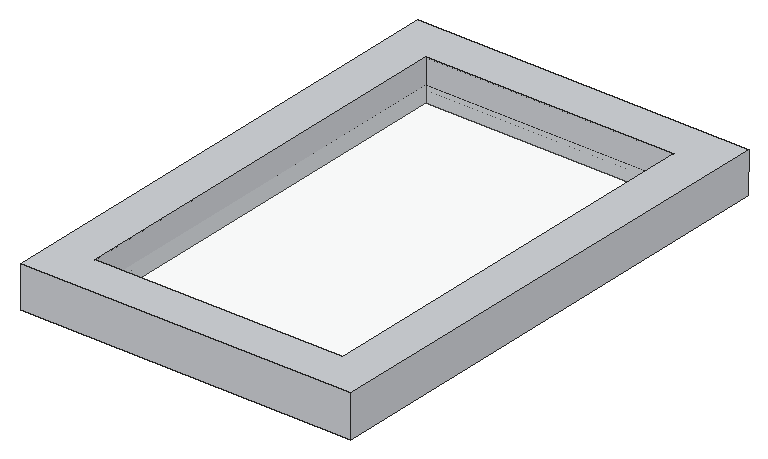
Revit family "PHLS Skylight", category Windows, host Roof, Revit 2018
Family settings
  Host = Roof
  OmniClass Number = 23.30.30.00
  OmniClass Title = Skylights
  Always vertical = No
  Cut with Voids When Loaded = Yes
  Shared = No
  Room Calculation Point = No
Parameters
  Width [instance] = 1000 mm
  Transom t2 Width [instance] = 0 mm
  Transom t1 Width [instance] = 0 mm
  Transom t Width [instance] = 0 mm
  Top Sash Width Constraint [instance] = if(Top Frame Width Sash < 5 mm, 5 mm, if(or(Top Frame Width Sash > Top Frame Width, Top Frame Width Sash = Top Frame Width), 5 mm, Top Frame Width Sash))  # 60 mm
  Top Frame Width Sash [instance] = 60 mm
  Top Frame Width Operable [instance] = 200 mm
  Top Frame Width Constraint [instance] = if(No Sash Option, if(Top Frame Width < 10 mm, 10 mm, Top Frame Width), if(Top Frame Width Operable < 10 mm, if(Top Frame Width < 10 mm, 10 mm, Top Frame Width), Top Frame Width Operable))  # 125 mm
  Top Frame Width [instance] = 125 mm
  Threshold Width [instance] = 0 mm
  Shading Guides and Labels Visible [instance] = yes
  Sash Setback [instance] = 100 mm
  Sash Option [instance] = no
  Sash Opening Symbol - Top Slide [instance] = no
  Sash Opening Symbol - Top Hung [instance] = no
  Sash Opening Symbol - Right Slide [instance] = no
  Sash Opening Symbol - Right Hung [instance] = no
  Sash Opening Symbol - Left Slide [instance] = no
  Sash Opening Symbol - Left Hung [instance] = no
  Sash Opening Symbol - Bottom Slide [instance] = no
  Sash Opening Symbol - Bottom Hung [instance] = no
  Sash Depth [instance] = 100 mm
  Roof Pitch [instance] = 30.00°
  Right Sash Width Constraint [instance] = if(Right Frame Width Sash < 5 mm, 5 mm, if(or(Right Frame Width Sash > Right Frame Width, Right Frame Width Sash = Right Frame Width), 5 mm, Right Frame Width Sash))  # 60 mm
  Right Frame Width Sash [instance] = 60 mm
  Right Frame Width Operable [instance] = 200 mm
  Right Frame Width Constraint [instance] = if(No Sash Option, if(Right Frame Width < 10 mm, 10 mm, Right Frame Width), if(Right Frame Width Operable < 10 mm, if(Right Frame Width < 10 mm, 10 mm, Right Frame Width), Right Frame Width Operable))  # 125 mm
  Right Frame Width [instance] = 125 mm
  PHPP oReveal Right Side [instance] = 250 mm
  PHPP oReveal Left Side [instance] = 500 mm
  PHPP dReveal Right Side [instance] = 250 mm
  PHPP dReveal Left Side [instance] = 500 mm
  PHPP Window reveal depth [instance] = ((PHPP oReveal Left Side) + (PHPP oReveal Right Side)) / 2  # 375 mm
  PHPP Regulated / transparent [instance] = no
  PHPP Reduction factor z for temporary sun protection [instance] = ""
  PHPP Overhang depth [instance] = 1000 mm
  PHPP Installation situation top [instance] = "1"
  PHPP Installation situation right [instance] = "1"
  PHPP Installation situation left [instance] = "1"
  PHPP Installation situation bottom [instance] = "1"
  PHPP Horizontal distance [instance] = 2000 mm
  PHPP Height of shading object [instance] = 2000 mm
  PHPP Glazing [instance] = ""
  PHPP Frame [instance] = ""
  PHPP Fixed glazing length of outer frame Top [instance] = if(No Sash Option, Width, 0 mm)  # 1000 mm
  PHPP Fixed glazing length of outer frame Right [instance] = if(No Sash Option, Height, 0 mm)  # 1500 mm
  PHPP Fixed glazing length of outer frame Left [instance] = if(No Sash Option, Height, 0 mm)  # 1500 mm
  PHPP Fixed glazing length of outer frame Bottom [instance] = if(No Sash Option, Width, 0 mm)  # 1000 mm
  PHPP Distance glazing to reveal [instance] = ((PHPP dReveal Left Side) + (PHPP dReveal Right Side)) / 2  # 375 mm
  PHPP Distance glazing to overhang [instance] = 1000 mm
  PHPP Description [instance] = ""
  PHPP Comfort exemption [instance] = no
  PHPP Additional reduction factor winter shading [instance] = ""
  PHPP Additional reduction factor summer shading [instance] = ""
  PHLS Familiy Object Version = "4.0 - December 2023"
  No Sash Option [instance] = not(Sash Option)  # yes
  Mullion m2 Width [instance] = 0 mm
  Mullion m1 Width [instance] = 0 mm
  Mullion m Width [instance] = 0 mm
  Mullion fm Width [instance] = 0 mm
  Left Sash Width Constraint [instance] = if(Left Frame Width Sash < 5 mm, 5 mm, if(or(Left Frame Width Sash > Left Frame Width, Left Frame Width Sash = Left Frame Width), 5 mm, Left Frame Width Sash))  # 60 mm
  Left Frame Width Sash [instance] = 60 mm
  Left Frame Width Operable [instance] = 200 mm
  Left Frame Width Constraint [instance] = if(No Sash Option, if(Left Frame Width < 10 mm, 10 mm, Left Frame Width), if(Left Frame Width Operable < 10 mm, if(Left Frame Width < 10 mm, 10 mm, Left Frame Width), Left Frame Width Operable))  # 125 mm
  Left Frame Width [instance] = 125 mm
  Height [instance] = 1500 mm
  Glass Thickness [instance] = 15 mm
  Glass Setback Constraint [instance] = if(No Sash Option, Glass Setback Case No Sash Option, Glass Setback Case Sash Option)  # 125 mm
  Glass Setback Case Sash Option [instance] = if(and(No Sash Option, Glass Setback < Frame Setback), Frame Setback, if(and(No Sash Option, Glass Setback > Frame Setback + Frame Depth), Frame Setback + Frame Depth - Glass Thickness, Glass Setback))  # 125 mm
  Glass Setback Case No Sash Option [instance] = if(and(Sash Option, Glass Setback < Sash Setback), Sash Setback, if(and(Sash Option, Glass Setback > Sash Setback + Sash Depth), Sash Setback + Sash Depth - Glass Thickness, Glass Setback))  # 125 mm
  Glass Setback [instance] = 125 mm
  Glass Material [instance] = Glass
  Frame Setback [instance] = 50 mm
  Frame Material [instance] = none
  Frame Depth [instance] = 125 mm
  Bottom Sash Width Constraint [instance] = if(Bottom Frame Width Sash < 5 mm, 5 mm, if(or(Bottom Frame Width Sash > Bottom Frame Width, Bottom Frame Width Sash = Bottom Frame Width), 5 mm, Bottom Frame Width Sash))  # 60 mm
  Bottom Frame Width Sash [instance] = 60 mm
  Bottom Frame Width Operable [instance] = 200 mm
  Bottom Frame Width Constraint [instance] = if(No Sash Option, if(Bottom Frame Width < 10 mm, 10 mm, Bottom Frame Width), if(Bottom Frame Width Operable < 10 mm, if(Bottom Frame Width < 10 mm, 10 mm, Bottom Frame Width), Bottom Frame Width Operable))  # 125 mm
  Bottom Frame Width [instance] = 125 mm
  Analytic Construction = "<None>"
Reference planes
  plane 1 "Center (Front/Back)": y = 0
  plane 2 "Roof": z = 4000
  plane 3 "Center (Left/Right)": x = 0
  plane 4 "Left": x = -500
  plane 5 "Right": x = 500
  plane 6 "Head": y = 750
  plane 7 "Sill": y = -750
  plane 8 "Roof Outside Surface": z = 4152.4
  plane 9 "Left Frame Overall": x = -375
  plane 10 "Right Frame Width": x = 375
  plane 11 "dReveal Left": x = -875
  plane 12 "dReveal Right": x = 625
  plane 13 "Frame Setback": z = 4102.4
  plane 14 "Sash Setback": z = 4052.4
  plane 15 "Sash Depth": z = 3952.4
  plane 16 "Glass Setback": z = 4027.4
  plane 17 "Glass Thickness": z = 4012.4
  plane 18 "Left Sash": x = -435
  plane 19 "Right Sash": x = 435
  plane 20 "Frame Depth": z = 3977.4
  plane 21 "Top Frame Width": y = 625
  plane 22 "Top Sash": y = 685
  plane 23 "Bottom Frame Width": y = -625
  plane 24 "Bottom Sash": y = -685
  plane 25 "Height of Horizontal Shading": through (-1196.452, 474.128, 5702.219) normal (0, 0.5, 0.866)
  plane 26 "Height of Overhang": y = 1625
  plane 27 "Distance to Overhang": z = 5027.4
  plane 28 "Distance to Horizontal Shading": through (-1742.527, -3185.34, 3592.761) normal (0, -0.866, 0.5)
  plane 29 "oReveal Left": z = 4527.4
  plane 30 "oReveal Right": z = 4277.4
  plane 31 "Glass Base for Horizontal Shading Distance": through (0, -563.376, 4134.136) normal (0, -0.866, 0.5)
  plane 32 "Glass Base for Horizontal Shading Height": through (0, -860.191, 4163.188) normal (0, 0.5, 0.866)
Forms (mm)
  Extrusion 1, void
    sketch origin (0, 0, 4000) x (1, 0, 0) y (0, 1, 0)
      loop
        line (-500, 750) -> (-500, -750) -> (500, -750) -> (500, 750) -> (-500, 750)
    from 0 to 152.4
  Extrusion 2, solid, material <- "Frame Material", visible <- "No Sash Option"
    sketch origin (0, 0, 0) x (1, 0, 0) y (0, 0, 1)
      loop
        line (-500, 4102.4) -> (-500, 3977.4) -> (-375, 3977.4) -> (-375, 4102.4) -> (-500, 4102.4)
    from -750 to 750
  Extrusion 3, solid, material <- "Frame Material", visible <- "No Sash Option"
    sketch origin (580, 0, 0) x (1, 0, 0) y (0, 0, 1)
      loop
        line (-205, 4102.4) -> (-205, 3977.4) -> (-80, 3977.4) -> (-80, 4102.4) -> (-205, 4102.4)
    from -750 to 750
  Extrusion 4, solid, material <- "Frame Material", visible <- "No Sash Option"
    sketch origin (0, 0, 0) x (0, 1, 0) y (0, 0, 1)
      loop
        line (750, 4102.4) -> (625, 4102.4) -> (625, 3977.4) -> (750, 3977.4) -> (750, 4102.4)
    from -500 to 500
  Extrusion 5, solid, material <- "Frame Material", visible <- "No Sash Option"
    sketch origin (0, -440, 0) x (0, 1, 0) y (0, 0, 1)
      loop
        line (-185, 4102.4) -> (-310, 4102.4) -> (-310, 3977.4) -> (-185, 3977.4) -> (-185, 4102.4)
    from -500 to 500
  Extrusion 6, solid, material <- "Frame Material", visible <- "Sash Option"
    sketch origin (240, 0, 0) x (1, 0, 0) y (0, 0, 1)
      loop
        line (-740, 4102.4) -> (-740, 3977.4) -> (-675, 3977.4) -> (-675, 4102.4) -> (-740, 4102.4)
    from -750 to 750
  Extrusion 7, solid, material <- "Frame Material", visible <- "Sash Option"
    sketch origin (620, 0, 0) x (1, 0, 0) y (0, 0, 1)
      loop
        line (-185, 4102.4) -> (-185, 3977.4) -> (-120, 3977.4) -> (-120, 4102.4) -> (-185, 4102.4)
    from -750 to 750
  Extrusion 8, solid, material <- "Frame Material", visible <- "Sash Option"
    sketch origin (0, -220, 0) x (0, 1, 0) y (0, 0, 1)
      loop
        line (-465, 4102.4) -> (-530, 4102.4) -> (-530, 3977.4) -> (-465, 3977.4) -> (-465, 4102.4)
    from -500 to 500
  Extrusion 9, solid, material <- "Frame Material", visible <- "Sash Option"
    sketch origin (0, 560, 0) x (0, 1, 0) y (0, 0, 1)
      loop
        line (190, 4102.4) -> (125, 4102.4) -> (125, 3977.4) -> (190, 3977.4) -> (190, 4102.4)
    from -500 to 500
  Extrusion 10, solid, material <- "Frame Material", visible <- "Sash Option"
    sketch origin (520, 0, 0) x (1, 0, 0) y (0, 0, 1)
      loop
        line (-955, 4052.4) -> (-955, 3952.4) -> (-895, 3952.4) -> (-895, 4052.4) -> (-955, 4052.4)
    from -685 to 685
  Extrusion 11, solid, material <- "Frame Material", visible <- "Sash Option"
    sketch origin (1060, 0, 0) x (1, 0, 0) y (0, 0, 1)
      loop
        line (-685, 4052.4) -> (-685, 3952.4) -> (-625, 3952.4) -> (-625, 4052.4) -> (-685, 4052.4)
    from -685 to 685
  Extrusion 12, solid, material <- "Frame Material", visible <- "Sash Option"
    sketch origin (0, 80, 0) x (0, 1, 0) y (0, 0, 1)
      loop
        line (-705, 4052.4) -> (-765, 4052.4) -> (-765, 3952.4) -> (-705, 3952.4) -> (-705, 4052.4)
    from -435 to 435
  Extrusion 13, solid, material <- "Frame Material", visible <- "Sash Option"
    sketch origin (0, 1020, 0) x (0, 1, 0) y (0, 0, 1)
      loop
        line (-335, 4052.4) -> (-395, 4052.4) -> (-395, 3952.4) -> (-335, 3952.4) -> (-335, 4052.4)
    from -435 to 435
  Extrusion 14, solid, material "Glass" <- "Glass Material"
    sketch origin (0, 0, 4000) x (1, 0, 0) y (0, 1, 0)
      loop
        line (-375, 625) -> (-375, -625) -> (375, -625) -> (375, 625) -> (-375, 625)
    from 12.4 to 27.4
Cuts and joins
  joined: Extrusion 10, Extrusion 11, Extrusion 12, Extrusion 13
  joined: Extrusion 2, Extrusion 3, Extrusion 4, Extrusion 5
  joined: Extrusion 6, Extrusion 7, Extrusion 8, Extrusion 9
Lines and regions (mm)
  symbolic lines, style "WindowsHiddenLines", visible <- "Sash Opening Symbol - Top Hung"
    curve 1: line (-375, 625, 4000) -> (0, -625, 4000)
    curve 2: line (0, -625, 4000) -> (375, 625, 4000)
  symbolic lines, style "WindowsHiddenLines", visible <- "Sash Opening Symbol - Bottom Hung"
    curve 3: line (-375, -625, 4000) -> (0, 625, 4000)
    curve 4: line (0, 625, 4000) -> (375, -625, 4000)
  symbolic lines, style "WindowsHiddenLines", visible <- "Sash Opening Symbol - Left Hung"
    curve 5: line (-375, 625, 4000) -> (375, 0, 4000)
    curve 6: line (375, 0, 4000) -> (-375, -625, 4000)
  symbolic lines, style "WindowsHiddenLines", visible <- "Sash Opening Symbol - Right Hung"
    curve 7: line (375, 625, 4000) -> (-375, 0, 4000)
    curve 8: line (-375, 0, 4000) -> (375, -625, 4000)
  symbolic lines, style "WindowsHiddenLines", visible <- "Shading Guides and Labels Visible"
    curve 9: line (625, -625, 4000) -> (625, 625, 4000)
    curve 10: line (-875, -625, 4000) -> (-875, 625, 4000)
    curve 11: line (-375, 1625, 4000) -> (375, 1625, 4000)
    curve 12: line (-375, 1375, 4000) -> (375, 1375, 4000)
  symbolic lines, style "WindowsHiddenLines"
    curve 13: line (0, 1625, 4027.4) -> (0, 1625, 5127.4)
    curve 14: line (0, 1525, 5027.4) -> (0, 2125, 5027.4)
    curve 15: line (0, -1607.051, 6326.438) -> (0, -1307.051, 6846.053)
    curve 16: line (0, -1790.064, 7009.451) -> (0, -1270.448, 6709.451)
    curve 17: line (-375, 0, 6027.4) -> (375, 0, 6027.4)
    curve 18: line (-375, 0, 5027.4) -> (375, 0, 5027.4)
    curve 19: line (-1375, 0, 4527.4) -> (-775, 0, 4527.4)
    curve 20: line (-875, 0, 4027.4) -> (-875, 0, 4627.4)
    curve 21: line (1125, 0, 4277.4) -> (525, 0, 4277.4)
    curve 22: line (625, 0, 4027.4) -> (625, 0, 4377.4)
    curve 23: line (0, -841.506, 4152.4) -> (0, -625, 4027.4)
    curve 24: line (0, -625, 4027.4) -> (0, -500, 4243.906)
Dimensions and locks
  equal spacing: host sketch curve, plane 3 "Center (Left/Right)", host sketch curve
  equal spacing: host sketch curve, plane 1 "Center (Front/Back)", host sketch curve
  equal spacing: plane 4 "Left", plane 3 "Center (Left/Right)", plane 5 "Right"
  equal spacing: plane 6 "Head", plane 1 "Center (Front/Back)", plane 7 "Sill"
  "Width": plane 4 "Left" to plane 5 "Right"
  "Height": plane 6 "Head" to plane 7 "Sill"
  "Left Frame Width Constraint": plane 4 "Left" to plane 9 "Left Frame Overall"
  "Right Frame Width Constraint": plane 10 "Right Frame Width" to plane 5 "Right"
  "Frame Setback": plane 8 "Roof Outside Surface" to plane 13 "Frame Setback"
  "Sash Setback": plane 8 "Roof Outside Surface" to plane 14 "Sash Setback"
  "Sash Depth": plane 14 "Sash Setback" to plane 15 "Sash Depth"
  "Glass Setback Constraint": plane 8 "Roof Outside Surface" to plane 16 "Glass Setback"
  "Glass Thickness": plane 16 "Glass Setback" to plane 17 "Glass Thickness"
  "Left Sash Width Constraint": plane 18 "Left Sash" to plane 9 "Left Frame Overall"
  "Right Sash Width Constraint": plane 10 "Right Frame Width" to plane 19 "Right Sash"
  "Frame Depth": plane 13 "Frame Setback" to plane 20 "Frame Depth"
  "Top Frame Width Constraint": plane 6 "Head" to plane 21 "Top Frame Width"
  "Top Sash Width Constraint": plane 22 "Top Sash" to plane 21 "Top Frame Width"
  "Bottom Frame Width Constraint": plane 23 "Bottom Frame Width" to plane 7 "Sill"
  "Bottom Sash Width Constraint": plane 23 "Bottom Frame Width" to plane 24 "Bottom Sash"
  locked: nested 5 to plane 12 "dReveal Right" at 50
  "PHPP Distance glazing to overhang": plane 26 "Height of Overhang" to plane 21 "Top Frame Width"
  "PHPP Overhang depth": plane 27 "Distance to Overhang" to plane 16 "Glass Setback"
  locked: curve 13 to plane 27 "Distance to Overhang" at 100
  locked: plane 27 "Distance to Overhang" to nested 9 at 150
  locked: plane 26 "Height of Overhang" to curve 14 at 500
  locked: plane 26 "Height of Overhang" to nested 10 at 150
  locked: curve 14 to plane 26 "Height of Overhang" at 100
  locked: plane 28 "Distance to Horizontal Shading" to curve 16 at 100
  locked: curve 16 to plane 28 "Distance to Horizontal Shading" at 500
  "PHPP oReveal Left Side": plane 29 "oReveal Left" to plane 16 "Glass Setback"
  "PHPP oReveal Right Side": plane 30 "oReveal Right" to plane 16 "Glass Setback"
  "PHPP dReveal Left Side": plane 9 "Left Frame Overall" to plane 11 "dReveal Left"
  locked: curve 19 to plane 11 "dReveal Left" at 100
  locked: plane 11 "dReveal Left" to curve 19 at 500
  locked: plane 11 "dReveal Left" to nested 15 at 250
  locked: curve 20 to plane 29 "oReveal Left" at 100
  locked: plane 29 "oReveal Left" to nested 16 at 250
  locked: plane 12 "dReveal Right" to nested 18 at 50
  locked: plane 30 "oReveal Right" to nested 18 at 250
  locked: curve 22 to plane 30 "oReveal Right" at 100
  locked: plane 12 "dReveal Right" to curve 21 at 100
  locked: curve 21 to plane 12 "dReveal Right" at 500
  locked: nested 17 to plane 12 "dReveal Right" at 250
  "PHPP dReveal Right Side": plane 12 "dReveal Right" to plane 10 "Right Frame Width"
  locked: curve 15 to plane 25 "Height of Horizontal Shading" at 500
  plane 25 "Height of Horizontal Shading" to curve 15 = 100 mm
  locked: curve 24 to curve 24 at 250
  locked: curve 23 to curve 23 at 250
  "PHPP Horizontal distance": plane 28 "Distance to Horizontal Shading" to plane 31 "Glass Base for Horizontal Shading Distance"
  "PHPP Height of shading object": plane 25 "Height of Horizontal Shading" to plane 32 "Glass Base for Horizontal Shading Height"
  locked: plane 25 "Height of Horizontal Shading" to nested 11 at 150
  locked: plane 28 "Distance to Horizontal Shading" to nested 11 at 0
  locked: plane 25 "Height of Horizontal Shading" to nested 12 at 0
  curve 15 to nested 12 = 150 mm
  locked: nested 12 to plane 28 "Distance to Horizontal Shading" at 150
  "Roof Pitch": angle plane 31 "Glass Base for Horizontal Shading Distance" to plane 23 "Bottom Frame Width"
  "Roof Pitch": angle plane 32 "Glass Base for Horizontal Shading Height" to plane 16 "Glass Setback"
  "Roof Pitch": angle nested 11 to plane 23 "Bottom Frame Width"
  "Roof Pitch": angle nested 12 to plane 23 "Bottom Frame Width"
  aligned and locked: level to plane 2 "Roof"
  aligned and locked: plane 8 "Roof Outside Surface" to host roof
  aligned and locked: Extrusion 1 sketch curve to plane 6 "Head"
  aligned and locked: plane 4 "Left" to Extrusion 1 sketch curve
  aligned and locked: Extrusion 1 sketch curve to plane 5 "Right"
  aligned and locked: plane 7 "Sill" to Extrusion 1 sketch curve
  aligned and locked: plane 8 "Roof Outside Surface" to Extrusion 1
  aligned and locked: Extrusion 1 to plane 2 "Roof"
  aligned and locked: Extrusion 2 sketch curve to plane 13 "Frame Setback"
  aligned and locked: plane 20 "Frame Depth" to Extrusion 2 sketch curve
  aligned and locked: plane 4 "Left" to Extrusion 2 sketch curve
  aligned and locked: Extrusion 2 sketch curve to plane 9 "Left Frame Overall"
  aligned and locked: plane 6 "Head" to Extrusion 2
  aligned and locked: Extrusion 2 to plane 7 "Sill"
  aligned and locked: plane 6 "Head" to Extrusion 3
  aligned and locked: Extrusion 3 to plane 7 "Sill"
  aligned and locked: Extrusion 3 sketch curve to plane 13 "Frame Setback"
  aligned and locked: plane 20 "Frame Depth" to Extrusion 3 sketch curve
  aligned and locked: Extrusion 3 sketch curve to plane 5 "Right"
  aligned and locked: plane 10 "Right Frame Width" to Extrusion 3 sketch curve
  aligned and locked: Extrusion 4 sketch curve to plane 6 "Head"
  aligned and locked: plane 21 "Top Frame Width" to Extrusion 4 sketch curve
  aligned and locked: Extrusion 4 sketch curve to plane 13 "Frame Setback"
  aligned and locked: plane 20 "Frame Depth" to Extrusion 4 sketch curve
  aligned and locked: Extrusion 5 sketch curve to plane 13 "Frame Setback"
  aligned and locked: plane 20 "Frame Depth" to Extrusion 5 sketch curve
  aligned and locked: plane 7 "Sill" to Extrusion 5 sketch curve
  aligned and locked: Extrusion 5 sketch curve to plane 23 "Bottom Frame Width"
  aligned and locked: plane 5 "Right" to Extrusion 4
  aligned and locked: plane 5 "Right" to Extrusion 5
  aligned and locked: Extrusion 4 to plane 4 "Left"
  aligned and locked: Extrusion 5 to plane 4 "Left"
  aligned and locked: plane 4 "Left" to Extrusion 6 sketch curve
  aligned and locked: Extrusion 6 sketch curve to plane 18 "Left Sash"
  aligned and locked: Extrusion 6 sketch curve to plane 13 "Frame Setback"
  aligned and locked: plane 20 "Frame Depth" to Extrusion 6 sketch curve
  aligned and locked: Extrusion 6 to plane 7 "Sill"
  aligned and locked: plane 6 "Head" to Extrusion 6
  aligned and locked: Extrusion 7 sketch curve to plane 5 "Right"
  aligned and locked: plane 19 "Right Sash" to Extrusion 7 sketch curve
  aligned and locked: Extrusion 7 sketch curve to plane 13 "Frame Setback"
  aligned and locked: plane 6 "Head" to Extrusion 7
  aligned and locked: Extrusion 7 to plane 7 "Sill"
  aligned and locked: Extrusion 8 to plane 4 "Left"
  aligned and locked: plane 5 "Right" to Extrusion 8
  aligned and locked: Extrusion 9 to plane 4 "Left"
  aligned and locked: plane 5 "Right" to Extrusion 9
  aligned and locked: plane 7 "Sill" to Extrusion 8 sketch curve
  aligned and locked: Extrusion 8 sketch curve to plane 24 "Bottom Sash"
  aligned and locked: plane 20 "Frame Depth" to Extrusion 8 sketch curve
  aligned and locked: Extrusion 8 sketch curve to plane 13 "Frame Setback"
  aligned and locked: Extrusion 9 sketch curve to plane 6 "Head"
  aligned and locked: plane 22 "Top Sash" to Extrusion 9 sketch curve
  aligned and locked: Extrusion 9 sketch curve to plane 13 "Frame Setback"
  aligned and locked: plane 20 "Frame Depth" to Extrusion 9 sketch curve
  aligned and locked: plane 18 "Left Sash" to Extrusion 10 sketch curve
  aligned and locked: Extrusion 10 sketch curve to plane 9 "Left Frame Overall"
  aligned and locked: Extrusion 10 sketch curve to plane 14 "Sash Setback"
  aligned and locked: plane 15 "Sash Depth" to Extrusion 10 sketch curve
  aligned and locked: plane 22 "Top Sash" to Extrusion 10
  aligned and locked: Extrusion 10 to plane 24 "Bottom Sash"
  aligned and locked: Extrusion 11 sketch curve to plane 19 "Right Sash"
  aligned and locked: plane 10 "Right Frame Width" to Extrusion 11 sketch curve
  aligned and locked: plane 15 "Sash Depth" to Extrusion 11 sketch curve
  aligned and locked: Extrusion 11 sketch curve to plane 14 "Sash Setback"
  aligned and locked: plane 22 "Top Sash" to Extrusion 11
  aligned and locked: Extrusion 11 to plane 24 "Bottom Sash"
  aligned and locked: plane 24 "Bottom Sash" to Extrusion 12 sketch curve
  aligned and locked: Extrusion 12 sketch curve to plane 23 "Bottom Frame Width"
  aligned and locked: Extrusion 12 sketch curve to plane 14 "Sash Setback"
  aligned and locked: plane 15 "Sash Depth" to Extrusion 12 sketch curve
  aligned and locked: Extrusion 13 sketch curve to plane 22 "Top Sash"
  aligned and locked: plane 21 "Top Frame Width" to Extrusion 13 sketch curve
  aligned and locked: Extrusion 13 sketch curve to plane 14 "Sash Setback"
  aligned and locked: plane 15 "Sash Depth" to Extrusion 13 sketch curve
  aligned and locked: Extrusion 13 to plane 18 "Left Sash"
  aligned and locked: plane 19 "Right Sash" to Extrusion 13
  aligned and locked: plane 19 "Right Sash" to Extrusion 12
  aligned and locked: Extrusion 12 to plane 18 "Left Sash"
  aligned and locked: plane 20 "Frame Depth" to Extrusion 7 sketch curve
  aligned and locked: Extrusion 14 sketch curve to plane 21 "Top Frame Width"
  aligned and locked: Extrusion 14 sketch curve to plane 10 "Right Frame Width"
  aligned and locked: plane 23 "Bottom Frame Width" to Extrusion 14 sketch curve
  aligned and locked: plane 9 "Left Frame Overall" to Extrusion 14 sketch curve
  aligned and locked: Extrusion 14 to plane 17 "Glass Thickness"
  aligned and locked: plane 16 "Glass Setback" to Extrusion 14
  aligned and locked: plane 21 "Top Frame Width" to curve 2
  aligned and locked: plane 10 "Right Frame Width" to curve 2
  aligned and locked: plane 3 "Center (Left/Right)" to curve 2
  aligned and locked: plane 23 "Bottom Frame Width" to curve 1
  aligned and locked: plane 9 "Left Frame Overall" to curve 1
  aligned and locked: plane 23 "Bottom Frame Width" to curve 4
  aligned and locked: plane 10 "Right Frame Width" to curve 4
  aligned and locked: plane 3 "Center (Left/Right)" to curve 4
  aligned and locked: plane 21 "Top Frame Width" to curve 4
  aligned and locked: plane 23 "Bottom Frame Width" to curve 6
  aligned and locked: plane 9 "Left Frame Overall" to curve 6
  aligned and locked: plane 21 "Top Frame Width" to curve 5
  aligned and locked: plane 1 "Center (Front/Back)" to curve 5
  aligned and locked: plane 10 "Right Frame Width" to curve 5
  aligned and locked: plane 1 "Center (Front/Back)" to curve 8
  aligned and locked: plane 9 "Left Frame Overall" to curve 7
  aligned and locked: nested 4 to plane 1 "Center (Front/Back)"
  aligned and locked: plane 1 "Center (Front/Back)" to nested 3
  aligned and locked: plane 3 "Center (Left/Right)" to nested 1
  aligned and locked: nested 2 to plane 3 "Center (Left/Right)"
  aligned and locked: nested 2 to plane 1 "Center (Front/Back)"
  aligned and locked: plane 1 "Center (Front/Back)" to nested 1
  aligned and locked: nested 4 to plane 3 "Center (Left/Right)"
  aligned and locked: plane 3 "Center (Left/Right)" to nested 3
  aligned and locked: nested 5 to plane 1 "Center (Front/Back)"
  aligned and locked: nested 6 to plane 1 "Center (Front/Back)"
  aligned and locked: plane 11 "dReveal Left" to nested 6
  aligned and locked: plane 21 "Top Frame Width" to curve 10
  aligned and locked: plane 23 "Bottom Frame Width" to curve 10
  aligned and locked: plane 11 "dReveal Left" to curve 10
  aligned and locked: plane 21 "Top Frame Width" to curve 9
  aligned and locked: plane 23 "Bottom Frame Width" to curve 9
  aligned and locked: plane 12 "dReveal Right" to curve 9
  aligned and locked: plane 3 "Center (Left/Right)" to nested 7
  aligned and locked: plane 3 "Center (Left/Right)" to nested 8
  aligned and locked: nested 8 to plane 26 "Height of Overhang"
  aligned and locked: plane 9 "Left Frame Overall" to curve 11
  aligned and locked: plane 10 "Right Frame Width" to curve 11
  aligned and locked: plane 9 "Left Frame Overall" to curve 12
  aligned and locked: plane 10 "Right Frame Width" to curve 12
  aligned and locked: plane 16 "Glass Setback" to curve 13
  aligned and locked: plane 26 "Height of Overhang" to curve 13
  aligned and locked: nested 9 to plane 26 "Height of Overhang"
  aligned and locked: curve 14 to plane 27 "Distance to Overhang"
  aligned and locked: nested 10 to plane 27 "Distance to Overhang"
  aligned and locked: curve 15 to plane 28 "Distance to Horizontal Shading"
  aligned and locked: curve 16 to plane 25 "Height of Horizontal Shading"
  aligned and locked: plane 3 "Center (Left/Right)" to nested 13
  aligned and locked: plane 9 "Left Frame Overall" to curve 17
  aligned and locked: plane 10 "Right Frame Width" to curve 17
  aligned and locked: plane 9 "Left Frame Overall" to curve 18
  aligned and locked: plane 10 "Right Frame Width" to curve 18
  aligned and locked: curve 18 to plane 27 "Distance to Overhang"
  aligned and locked: plane 3 "Center (Left/Right)" to nested 14
  aligned and locked: nested 14 to plane 27 "Distance to Overhang"
  aligned and locked: curve 19 to plane 29 "oReveal Left"
  aligned and locked: nested 15 to plane 29 "oReveal Left"
  aligned and locked: plane 16 "Glass Setback" to curve 20
  aligned and locked: plane 11 "dReveal Left" to curve 20
  aligned and locked: plane 11 "dReveal Left" to nested 16
  aligned and locked: plane 16 "Glass Setback" to curve 22
  aligned and locked: plane 12 "dReveal Right" to curve 22
  aligned and locked: curve 21 to plane 30 "oReveal Right"
  aligned and locked: plane 30 "oReveal Right" to nested 17
  aligned and locked: curve 23 to plane 32 "Glass Base for Horizontal Shading Height"
  aligned and locked: curve 24 to plane 31 "Glass Base for Horizontal Shading Distance"
  aligned and locked: plane 31 "Glass Base for Horizontal Shading Distance" to curve 23
  aligned and locked: plane 32 "Glass Base for Horizontal Shading Height" to curve 24
Automatic sketch dimensions
  curve 11 to plane 26 "Height of Overhang" = 0 mm
  curve 12 to plane 26 "Height of Overhang" = 250 mm
  curve 18 to curve 17 = 1000 mm
Nested families
  nested 1: "Arrow Symbol - Up Down" at (0, 0, 4000), visible <- "Sash Opening Symbol - Top Slide", type "Arrow Symbol - Up Down"
  nested 2: "Arrow Symbol - Up Down" at (0, 0, 4000) x (-1, 0, 0) z (0, 0, 1), visible <- "Sash Opening Symbol - Bottom Slide", type "Arrow Symbol - Up Down"
  nested 3: "Arrow Symbol - Left Right" at (0, 0, 4000), visible <- "Sash Opening Symbol - Right Slide", type "Arrow Symbol - Left Right"
  nested 4: "Arrow Symbol - Left Right" at (0, 0, 4000) x (-1, 0, 0) z (0, 0, 1), visible <- "Sash Opening Symbol - Left Slide", type "Arrow Symbol - Left Right"
  nested 5: "dReveal Right Side Text - Elevation" at (575, 0, 4000) x (0, 1, 0) z (0, 0, 1), type "dReveal Right Side Text - Elevation"
  nested 6: "dReveal Left Side Text - Elevation" at (-875, 0, 4000) x (0, 1, 0) z (0, 0, 1), type "dReveal Left Side Text - Elevation"
  nested 7: "hHori Text - Elevation" at (0, 1375, 4000), type "hHori Text - Elevation"
  nested 8: "dOver Text - Elevation" at (0, 1625, 4000), type "dOver Text - Elevation"
  nested 9: "dOver Text - Elevation" at (0, 1625, 4877.4) x (0, 0, -1) z (1, 0, 0), type "dOver Text - Elevation"
  nested 10: "oOver Text - Elevation" at (0, 1775, 5027.4) x (0, 1, 0) z (1, 0, 0), type "oOver Text - Elevation"
  nested 11: "dHori Text - Elevation" at (0, -1432.051, 6629.547) x (0, 0.5, 0.866) z (1, 0, 0), type "dHori Text - Elevation"
  nested 12: "hHori Text - Elevation" at (0, -1486.955, 6834.451) x (0, 0.866, -0.5) z (1, 0, 0), type "hHori Text - Elevation"
  nested 13: "dHori Text - Elevation" at (0, 0, 6077.4) x (1, 0, 0) z (0, -1, 0), type "dHori Text - Elevation"
  nested 14: "oOver Text - Elevation" at (0, 0, 5027.4) x (1, 0, 0) z (0, -1, 0), type "oOver Text - Elevation"
  nested 15: "oReveal Left Side Text - Elevation" at (-1125, 0, 4527.4) x (1, 0, 0) z (0, -1, 0), type "oReveal Left Side Text - Elevation"
  nested 16: "dReveal Left Side Text - Elevation" at (-875, 0, 4277.4) x (0, 0, 1) z (0, -1, 0), type "dReveal Left Side Text - Elevation"
  nested 17: "oReveal Right Side Text - Elevation" at (875, 0, 4277.4) x (1, 0, 0) z (0, -1, 0), type "oReveal Right Side Text - Elevation"
  nested 18: "dReveal Right Side Text - Elevation" at (575, 0, 4027.4) x (0, 0, 1) z (0, -1, 0), type "dReveal Right Side Text - Elevation"
Definition of nested family "Arrow Symbol - Up Down"
  Reference planes
    plane 1 "Center (Front/Back)": y = 0
    plane 2: z = 0
    plane 3 "Center (Left/Right)": x = 0
  Lines and regions (mm)
    detail lines, in view "Ref. Level"
      curve 1: line (0, 160, 0) -> (-56.569, 103.431, 0)
      curve 2: line (0, 160, 0) -> (56.569, 103.431, 0)
      curve 3: line (-56.569, 103.431, 0) -> (-24.069, 103.431, 0)
      curve 4: line (-24.069, 103.431, 0) -> (-24.069, -103.369, 0)
      curve 5: line (56.569, 103.431, 0) -> (24.069, 103.431, 0)
      curve 6: line (24.069, 103.431, 0) -> (24.069, -103.369, 0)
      curve 7: line (-24.069, -103.369, 0) -> (24.069, -103.369, 0)
Definition of nested family "Arrow Symbol - Left Right"
  Reference planes
    plane 1 "Center (Front/Back)": y = 0
    plane 2: z = 0
    plane 3 "Center (Left/Right)": x = 0
  Lines and regions (mm)
    detail lines, in view "Ref. Level"
      curve 1: line (160, 0, 0) -> (103.431, 56.569, 0)
      curve 2: line (160, 0, 0) -> (103.431, -56.569, 0)
      curve 3: line (103.431, 56.569, 0) -> (103.431, 24.069, 0)
      curve 4: line (103.431, 24.069, 0) -> (-103.369, 24.069, 0)
      curve 5: line (103.431, -56.569, 0) -> (103.431, -24.069, 0)
      curve 6: line (103.431, -24.069, 0) -> (-103.369, -24.069, 0)
      curve 7: line (-103.369, 24.069, 0) -> (-103.369, -24.069, 0)
Definition of nested family "dReveal Right Side Text - Elevation"
  Reference planes
    plane 1 "Center (Front/Back)": y = 0
    plane 2: z = 0
    plane 3 "Center (Left/Right)": x = 0
  Lines and regions (mm)
    Filled region 1, type "Solid Fill - Blue", in view "Ref. Level"
      outline origin (-11.25, 0, 0) x (1, 0, 0) y (0, 1, 0)
        loop
          line (-188.472, -33.793) -> (-185.05, -33.793) -> (-182.961, -23.613) -> (-175.674, -23.613)
          spline (-175.674, -23.613) -> (-171.33, -22.908) -> (-169.791, -22.309) -> (-168.405, -21.311) -> (-167.201, -20.024) -> (-166.317, -18.518) -> (-165.768, -16.888) -> (-165.579, -15.289) -> (-165.618, -13.63) -> (-166.119, -11.979) -> (-167.07, -10.588) -> (-168.322, -9.573) -> (-171.627, -8.762)
          line (-171.627, -8.762) -> (-183.335, -8.762) -> (-188.472, -33.793)
        loop
          line (-180.453, -11.396) -> (-182.387, -20.819) -> (-175.67, -20.819)
          spline (-175.67, -20.819) -> (-172.662, -20.274) -> (-171.624, -19.818) -> (-170.758, -19.233) -> (-170.01, -18.47) -> (-169.367, -17.36) -> (-168.916, -16.205) -> (-168.749, -15.161) -> (-168.855, -14.116) -> (-169.161, -13.156) -> (-169.994, -12.16) -> (-170.911, -11.709) -> (-173.495, -11.396)
          line (-173.495, -11.396) -> (-180.453, -11.396)
    Filled region 2, type "Solid Fill - Blue", in view "Ref. Level"
      outline origin (11.961, 0, 0) x (1, 0, 0) y (0, 1, 0)
        loop
          line (-188.472, -33.793) -> (-185.05, -33.793) -> (-182.624, -21.973) -> (-169.658, -21.973) -> (-172.083, -33.793) -> (-168.661, -33.793) -> (-163.525, -8.762) -> (-166.947, -8.762) -> (-169.084, -19.178) -> (-182.05, -19.178) -> (-179.913, -8.762) -> (-183.335, -8.762) -> (-188.472, -33.793)
    Filled region 3, type "Solid Fill - Blue", in view "Ref. Level"
      outline origin (37.164, 0, 0) x (1, 0, 0) y (0, 1, 0)
        loop
          line (-188.472, -33.793) -> (-185.05, -33.793) -> (-182.961, -23.613) -> (-175.674, -23.613)
          spline (-175.674, -23.613) -> (-171.33, -22.908) -> (-169.791, -22.309) -> (-168.405, -21.311) -> (-167.201, -20.024) -> (-166.317, -18.518) -> (-165.768, -16.888) -> (-165.579, -15.289) -> (-165.618, -13.63) -> (-166.119, -11.979) -> (-167.07, -10.588) -> (-168.322, -9.573) -> (-171.627, -8.762)
          line (-171.627, -8.762) -> (-183.335, -8.762) -> (-188.472, -33.793)
        loop
          line (-180.453, -11.396) -> (-182.387, -20.819) -> (-175.67, -20.819)
          spline (-175.67, -20.819) -> (-172.662, -20.274) -> (-171.624, -19.818) -> (-170.758, -19.233) -> (-170.01, -18.47) -> (-169.367, -17.36) -> (-168.916, -16.205) -> (-168.749, -15.161) -> (-168.855, -14.116) -> (-169.161, -13.156) -> (-169.994, -12.16) -> (-170.911, -11.709) -> (-173.495, -11.396)
          line (-173.495, -11.396) -> (-180.453, -11.396)
    Filled region 4, type "Solid Fill - Blue", in view "Ref. Level"
      outline origin (60.229, 0, 0) x (1, 0, 0) y (0, 1, 0)
        loop
          line (-188.472, -33.793) -> (-185.05, -33.793) -> (-182.961, -23.613) -> (-175.674, -23.613)
          spline (-175.674, -23.613) -> (-171.33, -22.908) -> (-169.791, -22.309) -> (-168.405, -21.311) -> (-167.201, -20.024) -> (-166.317, -18.518) -> (-165.768, -16.888) -> (-165.579, -15.289) -> (-165.618, -13.63) -> (-166.119, -11.979) -> (-167.07, -10.588) -> (-168.322, -9.573) -> (-171.627, -8.762)
          line (-171.627, -8.762) -> (-183.335, -8.762) -> (-188.472, -33.793)
        loop
          line (-180.453, -11.396) -> (-182.387, -20.819) -> (-175.67, -20.819)
          spline (-175.67, -20.819) -> (-172.662, -20.274) -> (-171.624, -19.818) -> (-170.758, -19.233) -> (-170.01, -18.47) -> (-169.367, -17.36) -> (-168.916, -16.205) -> (-168.749, -15.161) -> (-168.855, -14.116) -> (-169.161, -13.156) -> (-169.994, -12.16) -> (-170.911, -11.709) -> (-173.495, -11.396)
          line (-173.495, -11.396) -> (-180.453, -11.396)
    Filled region 5, type "Solid Fill - Blue", in view "Ref. Level"
      outline origin (105.229, 0, 0) x (1, 0, 0) y (0, 1, 0)
        loop
          line (-189.097, -33.793) -> (-186.143, -33.793) -> (-181.007, -8.762) -> (-183.96, -8.762) -> (-185.992, -18.666)
          spline (-185.992, -18.666) -> (-189.018, -15.645) -> (-191.89, -15.318) -> (-194.745, -16.312) -> (-197.017, -18.256) -> (-198.758, -21.005) -> (-199.707, -23.911) -> (-199.98, -27.227) -> (-199.492, -30.174) -> (-197.974, -32.627) -> (-195.435, -34.052) -> (-192.553, -33.977) -> (-188.596, -31.353)
          line (-188.596, -31.353) -> (-189.097, -33.793)
        loop
          spline (-187.074, -23.939) -> (-187.766, -19.434) -> (-189.652, -17.96) -> (-191.978, -17.855) -> (-193.982, -19.036) -> (-195.419, -21.043) -> (-196.57, -23.675) -> (-197.008, -26.615) -> (-196.558, -29.314) -> (-195.29, -31.127) -> (-193.225, -31.745) -> (-190.995, -31.199) -> (-187.564, -26.326)
          line (-187.564, -26.326) -> (-187.074, -23.939)
    Filled region 6, type "Solid Fill - Blue", in view "Ref. Level"
      outline origin (112.67, 0, 0) x (1, 0, 0) y (0, 1, 0)
        loop
          line (-188.472, -33.793) -> (-185.05, -33.793) -> (-182.768, -22.676) -> (-178.749, -22.676)
          spline (-178.749, -22.676) -> (-177.093, -22.836) -> (-175.853, -23.268) -> (-174.945, -23.899) -> (-174.288, -24.657) -> (-173.796, -25.469) -> (-173.389, -26.266) -> (-173.006, -27.05) -> (-172.612, -27.905) -> (-172.172, -28.918) -> (-171.652, -30.178) -> (-171.017, -31.774) -> (-170.235, -33.793)
          line (-170.235, -33.793) -> (-166.55, -33.793)
          spline (-166.55, -33.793) -> (-167.221, -32.11) -> (-167.783, -30.698) -> (-168.262, -29.514) -> (-168.682, -28.512) -> (-169.068, -27.647) -> (-169.446, -26.874) -> (-169.84, -26.149) -> (-170.279, -25.44) -> (-170.789, -24.735) -> (-171.402, -24.023) -> (-172.145, -23.293) -> (-173.048, -22.536)
          spline (-173.048, -22.536) -> (-169.187, -21.607) -> (-167.872, -20.91) -> (-166.626, -19.99) -> (-165.691, -18.809) -> (-165.041, -17.479) -> (-164.64, -16.087) -> (-164.569, -14.41) -> (-164.781, -12.941) -> (-165.311, -11.614) -> (-166.271, -10.347) -> (-167.333, -9.51) -> (-170.221, -8.762)
          line (-170.221, -8.762) -> (-183.335, -8.762) -> (-188.472, -33.793)
        loop
          line (-180.453, -11.396) -> (-182.195, -19.881) -> (-174.048, -19.881)
          spline (-174.048, -19.881) -> (-171.339, -19.39) -> (-170.403, -18.98) -> (-169.624, -18.453) -> (-168.951, -17.766) -> (-168.372, -16.767) -> (-167.965, -15.727) -> (-167.815, -14.787) -> (-167.91, -13.846) -> (-168.186, -12.981) -> (-168.936, -12.084) -> (-169.762, -11.678) -> (-172.089, -11.396)
          line (-172.089, -11.396) -> (-180.453, -11.396)
    Filled region 7, type "Solid Fill - Blue", in view "Ref. Level"
      outline origin (140.799, 0, 0) x (1, 0, 0) y (0, 1, 0)
        loop
          line (-188.129, -25.472) -> (-174.751, -25.472)
          spline (-174.751, -25.472) -> (-175.33, -18.793) -> (-178.232, -15.972) -> (-182.297, -15.286) -> (-185.875, -16.235) -> (-188.923, -19.053) -> (-190.829, -22.908) -> (-191.378, -26.678) -> (-190.398, -30.629) -> (-187.637, -33.408) -> (-183.785, -34.191) -> (-179.629, -32.861) -> (-175.591, -27.915)
          line (-175.591, -27.915) -> (-178.628, -27.65)
          spline (-178.628, -27.65) -> (-179.383, -29.083) -> (-180.181, -30.112) -> (-181.08, -30.842) -> (-182.086, -31.328) -> (-183.191, -31.613) -> (-184.325, -31.69) -> (-185.385, -31.524) -> (-186.294, -31.082) -> (-187.053, -30.342) -> (-187.68, -29.283) -> (-188.105, -27.762) -> (-188.129, -25.472)
        loop
          spline (-177.445, -23.161) -> (-177.526, -21.224) -> (-177.805, -19.993) -> (-178.317, -19.083) -> (-179.061, -18.396) -> (-179.944, -17.928) -> (-180.872, -17.685) -> (-181.802, -17.626) -> (-182.746, -17.748) -> (-183.806, -18.125) -> (-185.057, -18.884) -> (-186.406, -20.407) -> (-187.699, -23.161)
          line (-187.699, -23.161) -> (-177.445, -23.161)
    Filled region 8, type "Solid Fill - Blue", in view "Ref. Level"
      outline origin (177.936, 0, 0) x (1, 0, 0) y (0, 1, 0)
        loop
          line (-188.129, -25.472) -> (-174.751, -25.472)
          spline (-174.751, -25.472) -> (-175.33, -18.793) -> (-178.232, -15.972) -> (-182.297, -15.286) -> (-185.875, -16.235) -> (-188.923, -19.053) -> (-190.829, -22.908) -> (-191.378, -26.678) -> (-190.398, -30.629) -> (-187.637, -33.408) -> (-183.785, -34.191) -> (-179.629, -32.861) -> (-175.591, -27.915)
          line (-175.591, -27.915) -> (-178.628, -27.65)
          spline (-178.628, -27.65) -> (-179.383, -29.083) -> (-180.181, -30.112) -> (-181.08, -30.842) -> (-182.086, -31.328) -> (-183.191, -31.613) -> (-184.325, -31.69) -> (-185.385, -31.524) -> (-186.294, -31.082) -> (-187.053, -30.342) -> (-187.68, -29.283) -> (-188.105, -27.762) -> (-188.129, -25.472)
        loop
          spline (-177.445, -23.161) -> (-177.526, -21.224) -> (-177.805, -19.993) -> (-178.317, -19.083) -> (-179.061, -18.396) -> (-179.944, -17.928) -> (-180.872, -17.685) -> (-181.802, -17.626) -> (-182.746, -17.748) -> (-183.806, -18.125) -> (-185.057, -18.884) -> (-186.406, -20.407) -> (-187.699, -23.161)
          line (-187.699, -23.161) -> (-177.445, -23.161)
    Filled region 9, type "Solid Fill - Blue", in view "Ref. Level"
      outline origin (162.443, 0, 0) x (1, 0, 0) y (0, 1, 0)
        loop
          line (-189.88, -33.819) -> (-186.425, -33.819) -> (-175.939, -15.656) -> (-179.19, -15.656) -> (-187.655, -30.927) -> (-189.88, -15.656) -> (-192.832, -15.656) -> (-189.88, -33.819)
    Filled region 10, type "Solid Fill - Blue", in view "Ref. Level"
      outline origin (197.496, 0, 0) x (1, 0, 0) y (0, 1, 0)
        loop
          spline (-176.731, -33.81) -> (-177.048, -30.756) -> (-176.568, -27.729) -> (-175.862, -24.428) -> (-175.296, -21.761) -> (-175.209, -19.472) -> (-176.174, -17.323) -> (-178.088, -15.946) -> (-180.408, -15.324) -> (-183.076, -15.244) -> (-185.871, -15.924) -> (-188.445, -17.662) -> (-190.254, -20.766)
          line (-190.254, -20.766) -> (-187.177, -21.036)
          spline (-187.177, -21.036) -> (-186.217, -19.367) -> (-185.166, -18.49) -> (-184.123, -18.053) -> (-183.14, -17.828) -> (-182.213, -17.753) -> (-181.329, -17.788) -> (-180.488, -17.931) -> (-179.696, -18.205) -> (-178.989, -18.646) -> (-178.457, -19.328) -> (-178.242, -20.429) -> (-178.61, -22.434)
          spline (-178.61, -22.434) -> (-182.106, -22.969) -> (-185.94, -23.268) -> (-188.411, -23.836) -> (-190.183, -24.81) -> (-191.466, -26.329) -> (-192.072, -28.375) -> (-191.785, -30.63) -> (-190.666, -32.589) -> (-188.815, -33.834) -> (-186.625, -34.269) -> (-184.308, -33.979) -> (-180.197, -31.547)
          line (-180.197, -31.547) -> (-179.837, -33.81) -> (-176.731, -33.81)
        loop
          arc (-179.062, -24.59) -> (-179.61, -24.797) -> (-180.176, -24.947) r 5.632
          spline (-180.176, -24.947) -> (-183.054, -25.289) -> (-185.569, -25.599) -> (-187.565, -26.26) -> (-188.711, -27.474) -> (-189.006, -29.249) -> (-188.323, -30.798) -> (-186.742, -31.691) -> (-184.734, -31.772) -> (-182.898, -31.193) -> (-181.336, -30.093) -> (-180.13, -28.385) -> (-179.062, -24.59)
    Filled region 11, type "Solid Fill - Blue", in view "Ref. Level"
      outline origin (212.589, 0, 0) x (1, 0, 0) y (0, 1, 0)
        loop
          line (-188.472, -33.793) -> (-185.362, -33.793) -> (-180.225, -8.762) -> (-183.335, -8.762) -> (-188.472, -33.793)
    Filled region 12, type "Solid Fill - Blue", in view "Ref. Level"
      outline origin (374.336, 0, 0) x (1, 0, 0) y (0, 1, 0)
        loop
          line (-188.129, -25.472) -> (-174.751, -25.472)
          spline (-174.751, -25.472) -> (-175.33, -18.793) -> (-178.232, -15.972) -> (-182.297, -15.286) -> (-185.875, -16.235) -> (-188.923, -19.053) -> (-190.829, -22.908) -> (-191.378, -26.678) -> (-190.398, -30.629) -> (-187.637, -33.408) -> (-183.785, -34.191) -> (-179.629, -32.861) -> (-175.591, -27.915)
          line (-175.591, -27.915) -> (-178.628, -27.65)
          spline (-178.628, -27.65) -> (-179.383, -29.083) -> (-180.181, -30.112) -> (-181.08, -30.842) -> (-182.086, -31.328) -> (-183.191, -31.613) -> (-184.325, -31.69) -> (-185.385, -31.524) -> (-186.294, -31.082) -> (-187.053, -30.342) -> (-187.68, -29.283) -> (-188.105, -27.762) -> (-188.129, -25.472)
        loop
          spline (-177.445, -23.161) -> (-177.526, -21.224) -> (-177.805, -19.993) -> (-178.317, -19.083) -> (-179.061, -18.396) -> (-179.944, -17.928) -> (-180.872, -17.685) -> (-181.802, -17.626) -> (-182.746, -17.748) -> (-183.806, -18.125) -> (-185.057, -18.884) -> (-186.406, -20.407) -> (-187.699, -23.161)
          line (-187.699, -23.161) -> (-177.445, -23.161)
    Filled region 13, type "Solid Fill - Blue", in view "Ref. Level"
      outline origin (363.908, 0, 0) x (1, 0, 0) y (0, 1, 0)
        loop
          line (-189.097, -33.793) -> (-186.143, -33.793) -> (-181.007, -8.762) -> (-183.96, -8.762) -> (-185.992, -18.666)
          spline (-185.992, -18.666) -> (-189.018, -15.645) -> (-191.89, -15.318) -> (-194.745, -16.312) -> (-197.017, -18.256) -> (-198.758, -21.005) -> (-199.707, -23.911) -> (-199.98, -27.227) -> (-199.492, -30.174) -> (-197.974, -32.627) -> (-195.435, -34.052) -> (-192.553, -33.977) -> (-188.596, -31.353)
          line (-188.596, -31.353) -> (-189.097, -33.793)
        loop
          spline (-187.074, -23.939) -> (-187.766, -19.434) -> (-189.652, -17.96) -> (-191.978, -17.855) -> (-193.982, -19.036) -> (-195.419, -21.043) -> (-196.57, -23.675) -> (-197.008, -26.615) -> (-196.558, -29.314) -> (-195.29, -31.127) -> (-193.225, -31.745) -> (-190.995, -31.199) -> (-187.564, -26.326)
          line (-187.564, -26.326) -> (-187.074, -23.939)
    Filled region 14, type "Solid Fill - Blue", in view "Ref. Level"
      outline origin (301.91, 0, 0) x (1, 0, 0) y (0, 1, 0)
        loop
          spline (-188.225, -31.068) -> (-188.142, -32.2) -> (-187.85, -32.743) -> (-187.548, -33.075) -> (-187.215, -33.366) -> (-186.817, -33.641) -> (-186.334, -33.851) -> (-185.8, -33.988) -> (-185.279, -34.07) -> (-184.77, -34.11) -> (-184.203, -34.117) -> (-183.457, -34.057) -> (-182.296, -33.793)
          line (-182.296, -33.793) -> (-181.778, -31.268)
          spline (-181.778, -31.268) -> (-182.615, -31.431) -> (-183.256, -31.506) -> (-183.748, -31.513) -> (-184.131, -31.466) -> (-184.428, -31.371) -> (-184.66, -31.233) -> (-184.832, -31.045) -> (-184.939, -30.798) -> (-184.983, -30.489) -> (-184.981, -30.117) -> (-184.902, -29.552) -> (-184.676, -28.55)
          line (-184.676, -28.55) -> (-182.44, -18.033) -> (-179.466, -18.033) -> (-178.977, -15.651) -> (-181.952, -15.651) -> (-180.595, -9.043) -> (-184.142, -11.174) -> (-185.061, -15.651) -> (-187.516, -15.651) -> (-188.004, -18.033) -> (-185.55, -18.033) -> (-188.225, -31.068)
    Filled region 15, type "Solid Fill - Blue", in view "Ref. Level"
      outline origin (342.757, 0, 0) x (1, 0, 0) y (0, 1, 0)
        loop
          line (-187.046, -33.813) -> (-183.92, -33.813) -> (-180.059, -15.651) -> (-183.186, -15.651) -> (-187.046, -33.813)
        loop
          line (-178.662, -8.76) -> (-181.772, -8.76) -> (-182.479, -12.206) -> (-179.369, -12.206) -> (-178.662, -8.76)
    Filled region 16, type "Solid Fill - Blue", in view "Ref. Level"
      outline origin (325.902, 0, 0) x (1, 0, 0) y (0, 1, 0)
        loop
          spline (-191.902, -25.696) -> (-188.873, -32.573) -> (-184.7, -34.054) -> (-179.1, -33.911) -> (-174.626, -31.632) -> (-172.605, -27.747) -> (-173.701, -23.276) -> (-177.807, -20.444) -> (-183.106, -18.033) -> (-185.511, -14.656) -> (-182.77, -11.452) -> (-177.656, -11.4) -> (-174.053, -16.091)
          line (-174.053, -16.091) -> (-170.823, -15.809)
          spline (-170.823, -15.809) -> (-173.206, -10.35) -> (-177.749, -8.428) -> (-183.329, -8.698) -> (-187.292, -10.915) -> (-188.76, -15.635) -> (-186.187, -19.894) -> (-181.292, -22.401) -> (-176.599, -25.193) -> (-176.643, -29.277) -> (-181.021, -31.416) -> (-186.304, -30.526) -> (-188.603, -25.407)
          line (-188.603, -25.407) -> (-191.902, -25.696)
    Filled region 17, type "Solid Fill - Blue", in view "Ref. Level"
      outline origin (231.047, 0, 0) x (1, 0, 0) y (0, 1, 0)
        loop
          line (-188.472, -33.793) -> (-185.05, -33.793) -> (-182.768, -22.676) -> (-178.749, -22.676)
          spline (-178.749, -22.676) -> (-177.093, -22.836) -> (-175.853, -23.268) -> (-174.945, -23.899) -> (-174.288, -24.657) -> (-173.796, -25.469) -> (-173.389, -26.266) -> (-173.006, -27.05) -> (-172.612, -27.905) -> (-172.172, -28.918) -> (-171.652, -30.178) -> (-171.017, -31.774) -> (-170.235, -33.793)
          line (-170.235, -33.793) -> (-166.55, -33.793)
          spline (-166.55, -33.793) -> (-167.221, -32.11) -> (-167.783, -30.698) -> (-168.262, -29.514) -> (-168.682, -28.512) -> (-169.068, -27.647) -> (-169.446, -26.874) -> (-169.84, -26.149) -> (-170.279, -25.44) -> (-170.789, -24.735) -> (-171.402, -24.023) -> (-172.145, -23.293) -> (-173.048, -22.536)
          spline (-173.048, -22.536) -> (-169.187, -21.607) -> (-167.872, -20.91) -> (-166.626, -19.99) -> (-165.691, -18.809) -> (-165.041, -17.479) -> (-164.64, -16.087) -> (-164.569, -14.41) -> (-164.781, -12.941) -> (-165.311, -11.614) -> (-166.271, -10.347) -> (-167.333, -9.51) -> (-170.221, -8.762)
          line (-170.221, -8.762) -> (-183.335, -8.762) -> (-188.472, -33.793)
        loop
          line (-180.453, -11.396) -> (-182.195, -19.881) -> (-174.048, -19.881)
          spline (-174.048, -19.881) -> (-171.339, -19.39) -> (-170.403, -18.98) -> (-169.624, -18.453) -> (-168.951, -17.766) -> (-168.372, -16.767) -> (-167.965, -15.727) -> (-167.815, -14.787) -> (-167.91, -13.846) -> (-168.186, -12.981) -> (-168.936, -12.084) -> (-169.762, -11.678) -> (-172.089, -11.396)
          line (-172.089, -11.396) -> (-180.453, -11.396)
    Filled region 18, type "Solid Fill - Blue", in view "Ref. Level"
      outline origin (254.228, 0, 0) x (1, 0, 0) y (0, 1, 0)
        loop
          line (-187.046, -33.813) -> (-183.92, -33.813) -> (-180.059, -15.651) -> (-183.186, -15.651) -> (-187.046, -33.813)
        loop
          line (-178.662, -8.76) -> (-181.772, -8.76) -> (-182.479, -12.206) -> (-179.369, -12.206) -> (-178.662, -8.76)
    Filled region 19, type "Solid Fill - Blue", in view "Ref. Level"
      outline origin (273.129, 0, 0) x (1, 0, 0) y (0, 1, 0)
        loop
          line (-180.059, -15.651) -> (-182.873, -15.651) -> (-183.507, -18.631)
          spline (-183.507, -18.631) -> (-187.01, -15.474) -> (-189.921, -15.283) -> (-192.548, -16.16) -> (-194.909, -18.032) -> (-196.766, -20.673) -> (-197.861, -23.651) -> (-198.089, -26.745) -> (-197.453, -29.77) -> (-195.976, -32.014) -> (-193.714, -33.506) -> (-190.414, -33.658) -> (-186.497, -31.375)
          spline (-186.497, -31.375) -> (-187.176, -34.352) -> (-187.597, -35.867) -> (-188.052, -36.823) -> (-188.69, -37.524) -> (-189.569, -38.048) -> (-190.623, -38.384) -> (-191.767, -38.529) -> (-192.924, -38.517) -> (-193.958, -38.361) -> (-194.751, -38.029) -> (-195.45, -37.333) -> (-195.731, -35.767)
          line (-195.731, -35.767) -> (-198.821, -35.466)
          spline (-198.821, -35.466) -> (-198.736, -37.55) -> (-198.091, -39.018) -> (-196.931, -40.043) -> (-195.401, -40.659) -> (-193.776, -40.988) -> (-192.164, -41.084) -> (-190.591, -40.969) -> (-189.102, -40.652) -> (-187.722, -40.101) -> (-186.377, -39.083) -> (-185.025, -37.23) -> (-183.92, -33.813)
          line (-183.92, -33.813) -> (-180.059, -15.651)
        loop
          spline (-191.883, -31.164) -> (-190.589, -31.311) -> (-189.243, -30.995) -> (-187.939, -30.237) -> (-186.765, -29.087) -> (-185.801, -27.626) -> (-185.113, -25.951) -> (-184.747, -24.178) -> (-184.729, -22.427) -> (-185.06, -20.818) -> (-185.717, -19.46) -> (-186.655, -18.445) -> (-187.811, -17.844)
          spline (-187.811, -17.844) -> (-189.106, -17.696) -> (-190.451, -18.012) -> (-191.755, -18.771) -> (-192.93, -19.92) -> (-193.894, -21.382) -> (-194.582, -23.056) -> (-194.948, -24.829) -> (-194.966, -26.58) -> (-194.635, -28.189) -> (-193.978, -29.548) -> (-193.039, -30.562) -> (-191.883, -31.164)
    Filled region 20, type "Solid Fill - Blue", in view "Ref. Level"
      outline origin (280.845, 0, 0) x (1, 0, 0) y (0, 1, 0)
        loop
          line (-187.203, -33.813) -> (-184.076, -33.813) -> (-182.029, -24.183)
          spline (-182.029, -24.183) -> (-181.055, -21.496) -> (-180.114, -19.985) -> (-179.213, -19.156) -> (-178.355, -18.578) -> (-177.493, -18.149) -> (-176.57, -17.875) -> (-175.595, -17.762) -> (-174.69, -17.814) -> (-173.937, -18.051) -> (-173.31, -18.53) -> (-172.9, -19.34) -> (-173.029, -21.034)
          line (-173.029, -21.034) -> (-175.745, -33.813) -> (-172.618, -33.813) -> (-170.184, -22.361)
          spline (-170.184, -22.361) -> (-169.793, -19.618) -> (-169.966, -18.045) -> (-170.478, -17.066) -> (-171.158, -16.393) -> (-171.899, -15.878) -> (-172.776, -15.508) -> (-173.861, -15.299) -> (-175.038, -15.27) -> (-176.173, -15.439) -> (-177.283, -15.818) -> (-178.473, -16.46) -> (-180.15, -17.713)
          line (-180.15, -17.713) -> (-180.789, -18.352) -> (-178.751, -8.76) -> (-181.877, -8.76) -> (-187.203, -33.813)
Definition of nested family "dReveal Left Side Text - Elevation"
  Reference planes
    plane 1 "Center (Front/Back)": y = 0
    plane 2: z = 0
    plane 3 "Center (Left/Right)": x = 0
  Lines and regions (mm)
    Filled region 1, type "Solid Fill - Blue", in view "Ref. Level"
      outline origin (0, 0, 0) x (1, 0, 0) y (0, 1, 0)
        loop
          line (-188.472, -33.793) -> (-185.05, -33.793) -> (-182.961, -23.613) -> (-175.674, -23.613)
          spline (-175.674, -23.613) -> (-171.33, -22.908) -> (-169.791, -22.309) -> (-168.405, -21.311) -> (-167.201, -20.024) -> (-166.317, -18.518) -> (-165.768, -16.888) -> (-165.579, -15.289) -> (-165.618, -13.63) -> (-166.119, -11.979) -> (-167.07, -10.588) -> (-168.322, -9.573) -> (-171.627, -8.762)
          line (-171.627, -8.762) -> (-183.335, -8.762) -> (-188.472, -33.793)
        loop
          line (-180.453, -11.396) -> (-182.387, -20.819) -> (-175.67, -20.819)
          spline (-175.67, -20.819) -> (-172.662, -20.274) -> (-171.624, -19.818) -> (-170.758, -19.233) -> (-170.01, -18.47) -> (-169.367, -17.36) -> (-168.916, -16.205) -> (-168.749, -15.161) -> (-168.855, -14.116) -> (-169.161, -13.156) -> (-169.994, -12.16) -> (-170.911, -11.709) -> (-173.495, -11.396)
          line (-173.495, -11.396) -> (-180.453, -11.396)
    Filled region 2, type "Solid Fill - Blue", in view "Ref. Level"
      outline origin (23.211, 0, 0) x (1, 0, 0) y (0, 1, 0)
        loop
          line (-188.472, -33.793) -> (-185.05, -33.793) -> (-182.624, -21.973) -> (-169.658, -21.973) -> (-172.083, -33.793) -> (-168.661, -33.793) -> (-163.525, -8.762) -> (-166.947, -8.762) -> (-169.084, -19.178) -> (-182.05, -19.178) -> (-179.913, -8.762) -> (-183.335, -8.762) -> (-188.472, -33.793)
    Filled region 3, type "Solid Fill - Blue", in view "Ref. Level"
      outline origin (48.414, 0, 0) x (1, 0, 0) y (0, 1, 0)
        loop
          line (-188.472, -33.793) -> (-185.05, -33.793) -> (-182.961, -23.613) -> (-175.674, -23.613)
          spline (-175.674, -23.613) -> (-171.33, -22.908) -> (-169.791, -22.309) -> (-168.405, -21.311) -> (-167.201, -20.024) -> (-166.317, -18.518) -> (-165.768, -16.888) -> (-165.579, -15.289) -> (-165.618, -13.63) -> (-166.119, -11.979) -> (-167.07, -10.588) -> (-168.322, -9.573) -> (-171.627, -8.762)
          line (-171.627, -8.762) -> (-183.335, -8.762) -> (-188.472, -33.793)
        loop
          line (-180.453, -11.396) -> (-182.387, -20.819) -> (-175.67, -20.819)
          spline (-175.67, -20.819) -> (-172.662, -20.274) -> (-171.624, -19.818) -> (-170.758, -19.233) -> (-170.01, -18.47) -> (-169.367, -17.36) -> (-168.916, -16.205) -> (-168.749, -15.161) -> (-168.855, -14.116) -> (-169.161, -13.156) -> (-169.994, -12.16) -> (-170.911, -11.709) -> (-173.495, -11.396)
          line (-173.495, -11.396) -> (-180.453, -11.396)
    Filled region 4, type "Solid Fill - Blue", in view "Ref. Level"
      outline origin (71.479, 0, 0) x (1, 0, 0) y (0, 1, 0)
        loop
          line (-188.472, -33.793) -> (-185.05, -33.793) -> (-182.961, -23.613) -> (-175.674, -23.613)
          spline (-175.674, -23.613) -> (-171.33, -22.908) -> (-169.791, -22.309) -> (-168.405, -21.311) -> (-167.201, -20.024) -> (-166.317, -18.518) -> (-165.768, -16.888) -> (-165.579, -15.289) -> (-165.618, -13.63) -> (-166.119, -11.979) -> (-167.07, -10.588) -> (-168.322, -9.573) -> (-171.627, -8.762)
          line (-171.627, -8.762) -> (-183.335, -8.762) -> (-188.472, -33.793)
        loop
          line (-180.453, -11.396) -> (-182.387, -20.819) -> (-175.67, -20.819)
          spline (-175.67, -20.819) -> (-172.662, -20.274) -> (-171.624, -19.818) -> (-170.758, -19.233) -> (-170.01, -18.47) -> (-169.367, -17.36) -> (-168.916, -16.205) -> (-168.749, -15.161) -> (-168.855, -14.116) -> (-169.161, -13.156) -> (-169.994, -12.16) -> (-170.911, -11.709) -> (-173.495, -11.396)
          line (-173.495, -11.396) -> (-180.453, -11.396)
    Filled region 5, type "Solid Fill - Blue", in view "Ref. Level"
      outline origin (116.479, 0, 0) x (1, 0, 0) y (0, 1, 0)
        loop
          line (-189.097, -33.793) -> (-186.143, -33.793) -> (-181.007, -8.762) -> (-183.96, -8.762) -> (-185.992, -18.666)
          spline (-185.992, -18.666) -> (-189.018, -15.645) -> (-191.89, -15.318) -> (-194.745, -16.312) -> (-197.017, -18.256) -> (-198.758, -21.005) -> (-199.707, -23.911) -> (-199.98, -27.227) -> (-199.492, -30.174) -> (-197.974, -32.627) -> (-195.435, -34.052) -> (-192.553, -33.977) -> (-188.596, -31.353)
          line (-188.596, -31.353) -> (-189.097, -33.793)
        loop
          spline (-187.074, -23.939) -> (-187.766, -19.434) -> (-189.652, -17.96) -> (-191.978, -17.855) -> (-193.982, -19.036) -> (-195.419, -21.043) -> (-196.57, -23.675) -> (-197.008, -26.615) -> (-196.558, -29.314) -> (-195.29, -31.127) -> (-193.225, -31.745) -> (-190.995, -31.199) -> (-187.564, -26.326)
          line (-187.564, -26.326) -> (-187.074, -23.939)
    Filled region 6, type "Solid Fill - Blue", in view "Ref. Level"
      outline origin (123.92, 0, 0) x (1, 0, 0) y (0, 1, 0)
        loop
          line (-188.472, -33.793) -> (-185.05, -33.793) -> (-182.768, -22.676) -> (-178.749, -22.676)
          spline (-178.749, -22.676) -> (-177.093, -22.836) -> (-175.853, -23.268) -> (-174.945, -23.899) -> (-174.288, -24.657) -> (-173.796, -25.469) -> (-173.389, -26.266) -> (-173.006, -27.05) -> (-172.612, -27.905) -> (-172.172, -28.918) -> (-171.652, -30.178) -> (-171.017, -31.774) -> (-170.235, -33.793)
          line (-170.235, -33.793) -> (-166.55, -33.793)
          spline (-166.55, -33.793) -> (-167.221, -32.11) -> (-167.783, -30.698) -> (-168.262, -29.514) -> (-168.682, -28.512) -> (-169.068, -27.647) -> (-169.446, -26.874) -> (-169.84, -26.149) -> (-170.279, -25.44) -> (-170.789, -24.735) -> (-171.402, -24.023) -> (-172.145, -23.293) -> (-173.048, -22.536)
          spline (-173.048, -22.536) -> (-169.187, -21.607) -> (-167.872, -20.91) -> (-166.626, -19.99) -> (-165.691, -18.809) -> (-165.041, -17.479) -> (-164.64, -16.087) -> (-164.569, -14.41) -> (-164.781, -12.941) -> (-165.311, -11.614) -> (-166.271, -10.347) -> (-167.333, -9.51) -> (-170.221, -8.762)
          line (-170.221, -8.762) -> (-183.335, -8.762) -> (-188.472, -33.793)
